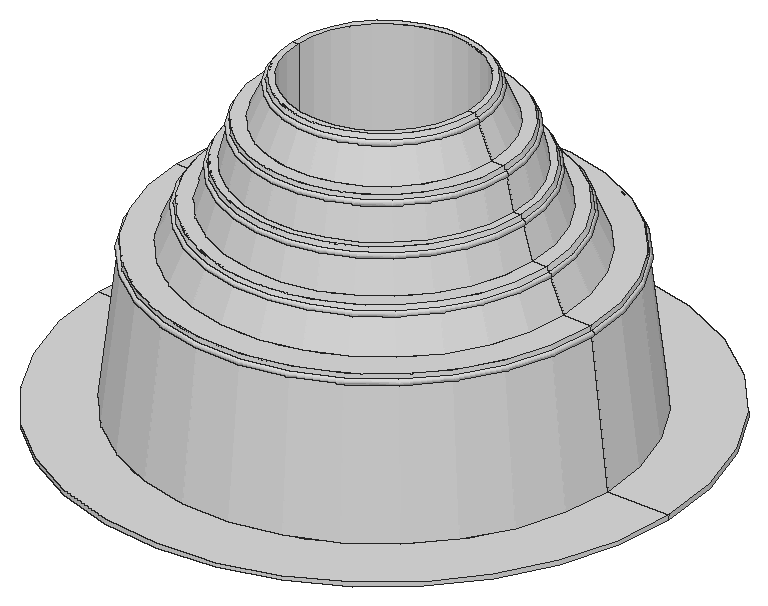
Revit family "Viking Roofspec Pipe Seal 02 M12", category Pipe Fittings, host Face, Revit 2021
Family settings
  Host = Face
  Round Connector Dimension = Use Diameter
  Part Type = Elbow
  Cut with Voids When Loaded = No
  Shared = No
Parameters (values of type "Pipe Seal - White - 19mm - 205mm (pipe size)")
  URL = "www.vikingroofspec.co.nz"
  Type Comments = "Viking Roofspec white Enviroclad pipe seal boot STP420, installed as per manufacturers instructions."
  Pipe Diameter [instance] = 100 mm
  Model = "STP420"
  Material Seal = Viking Roofspec - Rubber/PVC White
  Manufacturer = "Viking Roofspec"  # constant formula
  Default Elevation = 0 mm
  Component = STP420 : STP420
Reference planes
  plane 1 "Center (Front/Back)": y = 0
  plane 2: z = 0
  plane 3 "Center (Left/Right)": x = 0
Dimensions and locks
  aligned and locked: plane 2 to host face
  aligned and locked: level to host face
Nested families
  nested 1: "STP420" at (0, 0, 0), type <- "Component", Pipe Diameter <- "Pipe Diameter", type "STP420"
Definition of nested family "STP420"
  Parameters (values of type "STP420")
    URL = "www.vikingroofspec.co.nz"
    Type Comments = ""
    Pipe Diameter [instance] = 100 mm
    Model = ""
    Material Seal = none
    Manufacturer = "Viking Roofspec"  # constant formula
    Default Elevation = 0 mm
  Reference planes
    plane 1 "Center (Front/Back)": y = 0
    plane 2: z = 0
    plane 3 "Center (Left/Right)": x = 0
  Forms (mm)
    Extrusion 1, solid
      sketch origin (0, 0, 0) x (1, 0, 0) y (0, 1, 0)
        loop
          line (-1219.2, 1219.2) -> (-1219.2, -1219.2) -> (1219.2, -1219.2) -> (1219.2, 1219.2) -> (-1219.2, 1219.2)
      from 0 to -304.8
    Revolve 2, solid, material <- "Material Seal"
      sketch origin (0, 0, 0) x (1, 0, 0) y (0, 0, 1)
        loop
          line (-17.571, 237.015) -> (-26.218, 218) -> (-31.094, 218) -> (-31.445, 215.5)
          arc (-31.445, 215.5) -> (-32.93, 214.209) -> (-31.858, 212.558) r 1.5
          line (-31.858, 212.558) -> (-34.185, 196) -> (-38.15, 196) -> (-39.432, 193.5)
          arc (-39.432, 193.5) -> (-40.767, 192.685) -> (-40.651, 191.125) r 1.5
          line (-40.651, 191.125) -> (-49.436, 174) -> (-53.2, 174) -> (-54.337, 171.5)
          arc (-54.337, 171.5) -> (-55.702, 170.621) -> (-55.467, 169.014) r 1.5
          line (-55.467, 169.014) -> (-63.2, 152) -> (-70.578, 152) -> (-71.222, 149.5)
          arc (-71.222, 149.5) -> (-72.675, 148.374) -> (-71.947, 146.687) r 1.5
          line (-71.947, 146.687) -> (-76.249, 130) -> (-80.378, 130) -> (-81.185, 127.5)
          arc (-81.185, 127.5) -> (-82.612, 126.461) -> (-82.062, 124.783) r 1.5
          line (-82.062, 124.783) -> (-87.48, 108) -> (-95.465, 108) -> (-96.602, 105.5)
          arc (-96.602, 105.5) -> (-97.967, 104.621) -> (-97.732, 103.014) r 1.5
          line (-97.732, 103.014) -> (-105.465, 86) -> (-121.207, 86) -> (-121.507, 83.499)
          arc (-121.507, 83.499) -> (-123.036, 82.178) -> (-121.862, 80.534) r 1.5
          line (-121.862, 80.534) -> (-131.207, 2.5) -> (-167, 2.5) -> (-167, 0) -> (0, 0) -> (0, 239.998) -> (-17.35, 239.998)
          arc (-17.35, 239.998) -> (-18.846, 238.609) -> (-17.571, 237.015) r 1.5
        axis (0, 239.998) -> (0, 0)
      angle from 0 to 360
    Extrusion 3, void
      sketch origin (0, 0, 0) x (1, 0, 0) y (0, 1, 0)
        loop
          circle (0, 0) r 50
      from 0 to 244.236
  Cuts and joins
    Extrusion 3 cuts Revolve 2
  Dimensions and locks
    "Pipe Diameter": diameter of Extrusion 3 sketch curve
    aligned and locked: plane 2 to Extrusion 1
    aligned and locked: level to Extrusion 1
  Automatic sketch dimensions
    Extrusion 1 sketch curve to Extrusion 1 sketch curve = 2438.4 mm  (x2)
    Revolve 2 sketch curve to level = 0 mm  (x2)
    Revolve 2 sketch curve to plane 3 "Center (Left/Right)" = 0 mm  (x2)
    Revolve 2 sketch curve to plane 3 "Center (Left/Right)" = 17.571 mm
    Revolve 2 sketch curve to Revolve 2 sketch curve = 0.222 mm
    Revolve 2 sketch curve to Revolve 2 sketch curve = 48.213 mm
    Revolve 2 sketch curve to Revolve 2 sketch curve = 1.484 mm
    Revolve 2 sketch curve to Revolve 2 sketch curve = 8.646 mm
    Revolve 2 sketch curve to Revolve 2 sketch curve = 19.015 mm
    Revolve 2 sketch curve to Revolve 2 sketch curve = 5.227 mm
    Revolve 2 sketch curve to Revolve 2 sketch curve = 4 mm
    Revolve 2 sketch curve to Revolve 2 sketch curve = 0.413 mm
    Revolve 2 sketch curve to Revolve 2 sketch curve = 0.351 mm
    Revolve 2 sketch curve to Revolve 2 sketch curve = 1.442 mm
    Revolve 2 sketch curve to Revolve 2 sketch curve = 2.327 mm
    Revolve 2 sketch curve to Revolve 2 sketch curve = 3.964 mm
    Revolve 2 sketch curve to Revolve 2 sketch curve = 1.283 mm
    Revolve 2 sketch curve to Revolve 2 sketch curve = 2.5 mm  (x5)
    Revolve 2 sketch curve to Revolve 2 sketch curve = 1.5 mm  (x5)
    Revolve 2 sketch curve to Revolve 2 sketch curve = 1.218 mm
    Revolve 2 sketch curve to Revolve 2 sketch curve = 8.786 mm
    Revolve 2 sketch curve to Revolve 2 sketch curve = 17.125 mm
    Revolve 2 sketch curve to Revolve 2 sketch curve = 3.764 mm
    Revolve 2 sketch curve to Revolve 2 sketch curve = 1.136 mm  (x2)
    Revolve 2 sketch curve to Revolve 2 sketch curve = 1.13 mm  (x2)
    Revolve 2 sketch curve to Revolve 2 sketch curve = 7.733 mm  (x2)
    Revolve 2 sketch curve to Revolve 2 sketch curve = 7.378 mm
    Revolve 2 sketch curve to Revolve 2 sketch curve = 0.644 mm
    Revolve 2 sketch curve to Revolve 2 sketch curve = 0.725 mm
    Revolve 2 sketch curve to Revolve 2 sketch curve = 4.301 mm
    Revolve 2 sketch curve to Revolve 2 sketch curve = 4.129 mm
    Revolve 2 sketch curve to Revolve 2 sketch curve = 0.807 mm
    Revolve 2 sketch curve to Revolve 2 sketch curve = 0.877 mm
    Revolve 2 sketch curve to Revolve 2 sketch curve = 5.418 mm
    Revolve 2 sketch curve to Revolve 2 sketch curve = 16.783 mm
    Revolve 2 sketch curve to Revolve 2 sketch curve = 7.985 mm
    Revolve 2 sketch curve to Revolve 2 sketch curve = 15.742 mm
    Revolve 2 sketch curve to Revolve 2 sketch curve = 0.299 mm
    Revolve 2 sketch curve to Revolve 2 sketch curve = 2.501 mm
    Revolve 2 sketch curve to Revolve 2 sketch curve = 0.04 mm
    Revolve 2 sketch curve to Revolve 2 sketch curve = 1.499 mm
    Revolve 2 sketch curve to Revolve 2 sketch curve = 0.316 mm
    level to Revolve 2 sketch curve = 2.5 mm
    Revolve 2 sketch curve to Revolve 2 sketch curve = 78.034 mm
    Revolve 2 sketch curve to Revolve 2 sketch curve = 9.345 mm
    Revolve 2 sketch curve to Revolve 2 sketch curve = 35.793 mm
    Revolve 2 sketch curve to Revolve 2 sketch curve = 16.558 mm
    Revolve 2 sketch curve to Revolve 2 sketch curve = 17.014 mm  (x2)
    Revolve 2 sketch curve to Revolve 2 sketch curve = 16.687 mm
    plane 1 "Center (Front/Back)" to Extrusion 3 sketch curve = 0 mm
    Extrusion 3 sketch curve to plane 3 "Center (Left/Right)" = 0 mm
